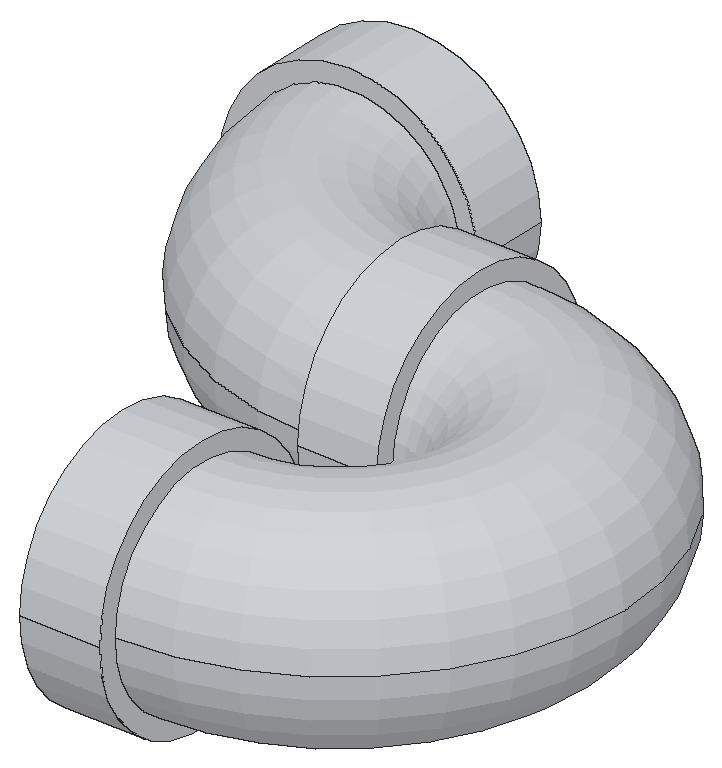
Revit family "M_Sifão em P - PVC - Sch 40 - DWV", category Conexões de tubo, Revit 2019
Family settings
  Cota do conector redondo = Usar raio
  Tipo de parte = Múltiplas portas
  Número OmniClass = 23.60.30.11.14
  Título OmniClass = Pipework Fittings
  ID de item do Seek = Trap P - PVC - Sch 40 - DWV-0000-CAN-ENU
  Com base no plano de trabalho = Não
  Sempre na vertical = Sim
  Corte com vazios quando carregada = Não
  Compartilhado = Não
Parameters (values of type "Padrão")
  Espessura da parede [instance] = size_lookup(Nome da tabela de pesquisa, "WThk", 0.02 * Diâmetro nominal + 3.274 mm, Diâmetro nominal)  # 3.962 mm
  Tamanho da marca de revisão [instance] = Diâmetro externo da conexão * 0.4  # 19.304 mm
  Raio externo do soquete [instance] = Diâmetro externo do soquete / 2  # 28.283 mm
  Diâmetro externo do soquete [instance] = Diâmetro da entrada do soquete + Espessura da parede * 2  # 56.566 mm
  Diâmetro da entrada do soquete [instance] = size_lookup(Nome da tabela de pesquisa, "SED", 1.04 * Diâmetro nominal + 9.426 mm, Diâmetro nominal)  # 48.641 mm
  Profundidade do soquete [instance] = size_lookup(Nome da tabela de pesquisa, "SDpt", 0.5 * Diâmetro nominal, Diâmetro nominal)  # 17.45 mm
  Legenda da altura externa [instance] = if(Comprimento 2 > Raio externo da conexão + 0.794 mm, Altura da saída, Comprimento 3 + Profundidade do soquete + Altura 1 + Raio externo da conexão)  # 124.143 mm
  Altura da saída [instance] = Altura 2 + Raio externo da conexão  # 124.143 mm
  Raio nominal [instance] = 20 mm
  Diâmetro nominal [instance] = Raio nominal * 2  # 40 mm
  Método de perda = Não definido
  Nome da tabela de pesquisa = "M_Trap P - PVC - Sch 40 - DWV"
  Comprimento 3 [instance] = if(Comprimento 2 > Raio externo da conexão + 0.794 mm, Comprimento 2, Raio externo da conexão + 0.794 mm)  # 44.463 mm
  Comprimento 2 [instance] = Altura 2 - Altura 1 - Profundidade do soquete  # 44.463 mm
  Comprimento 1 [instance] = size_lookup(Nome da tabela de pesquisa, "Lgt1", 2.47 * Diâmetro nominal + 35.024 mm, Diâmetro nominal)  # 117.475 mm
  Comprimento [instance] = Comprimento 1 + Profundidade do soquete  # 134.925 mm
  Altura interna [instance] = Altura 1 + Profundidade do soquete + Raio externo da conexão  # 79.68 mm
  Altura 2 [instance] = size_lookup(Nome da tabela de pesquisa, "Hgt2", 1.78 * Diâmetro nominal + 34.33 mm, Diâmetro nominal)  # 100.013 mm
  Altura 1 [instance] = size_lookup(Nome da tabela de pesquisa, "Hgt1", 0.88 * Diâmetro nominal + 8.93 mm, Diâmetro nominal)  # 38.1 mm
  Raio externo da conexão [instance] = Diâmetro externo da conexão / 2  # 24.13 mm
  Diâmetro externo da conexão [instance] = size_lookup(Nome da tabela de pesquisa, "FOD", 1.04 * Diâmetro nominal + 9.128 mm, Diâmetro nominal)  # 48.26 mm
Reference planes
  plane 1 "Centro (Frente/Trás)": y = 0
  plane 2: z = 0
  plane 3 "Centro (Esquerda/Direita)": x = 0
  plane 4: x = 124.143
  plane 5: x = 44.463
  plane 6: x = 61.913
  plane 7: y = 38.1
  plane 8: y = 134.925
  plane 9: y = 117.475
  plane 10: y = -19.304
  plane 11: y = 19.304
  plane 12: x = -19.304
  plane 13: x = 19.304
  plane 14: y = 76.2
  plane 15: y = 120.663
Forms (mm)
  Sweep 1, solid, detail levels fine
    path in 3D
      loop
        line (44.463, 0, 0) -> (61.913, 0, 0)
    profile origin (53.188, 0, 0) x (0, 1, 0) y (0, 0, 1)
      loop
        circle (0, 0) r 28.283
  Sweep 2, solid, detail levels fine
    path in 3D
      loop
        line (44.463, 76.2, 0) -> (61.913, 76.2, 0)
    profile origin (53.188, 76.2, 0) x (0, 1, 0) y (0, 0, 1)
      loop
        circle (0, 0) r 28.283
  Sweep 3, solid, detail levels fine
    path in 3D
      loop
        line (0, 134.925, 0) -> (0, 120.663, 0)
        arc (0, 120.663, 0) -> (13.023, 89.223, 0) -> (44.463, 76.2, 0) r 44.463
        line (44.463, 76.2, 0) -> (61.913, 76.2, 0)
        arc (61.913, 76.2, 0) -> (100.013, 38.1, 0) -> (61.913, 0, 0) r 38.1
    profile origin (0, 127.794, 0) x (1, 0, 0) y (0, 0, 1)
      loop
        circle (0, 0) r 24.13
  Sweep 4, solid, detail levels fine
    path in 3D
      loop
        line (0, 134.925, 0) -> (0, 117.475, 0)
    profile origin (0, 126.2, 0) x (1, 0, 0) y (0, 0, 1)
      loop
        circle (0, 0) r 28.283
Cuts and joins
  joined: Sweep 1, Sweep 2, Sweep 3, Sweep 4
Lines and regions (mm)
  model lines, detail levels coarse+medium
    curve 1: line (44.463, 0, 0) -> (61.913, 0, 0)
    curve 2: line (44.463, 19.304, 0) -> (44.463, -19.304, 0)
    curve 3: line (-19.304, 134.925, 0) -> (19.304, 134.925, 0)
    curve 5: arc (61.913, 0, 0) -> (100.013, 38.1, 0) -> (61.913, 76.2, 0) r 38.1
    curve 6: arc (0, 120.663, 0) -> (13.023, 89.223, 0) -> (44.463, 76.2, 0) r 44.463
    curve 7: line (44.463, 76.2, 0) -> (61.913, 76.2, 0)
    curve 10: line (0, 134.925, 0) -> (0, 120.663, 0)
  sketch lines
    curve 4: line (44.463, 0, 0) -> (61.913, 0, 0)
    curve 9: line (44.463, 76.2, 0) -> (61.913, 76.2, 0)
    curve 11: line (0, 134.925, 0) -> (0, 120.663, 0)
    curve 12: arc (0, 120.663, 0) -> (13.023, 89.223, 0) -> (44.463, 76.2, 0) r 44.463
    curve 13: line (44.463, 76.2, 0) -> (61.913, 76.2, 0)
    curve 14: arc (61.913, 0, 0) -> (100.013, 38.1, 0) -> (61.913, 76.2, 0) r 38.1
    curve 15: line (0, 134.925, 0) -> (0, 117.475, 0)
  reference lines
    curve 8: line (0, 134.925, 0) -> (0, 117.475, 0)
Dimensions and locks
  "Legenda da altura externa": plane 3 "Centro (Esquerda/Direita)" to plane 4
  "Altura interna": plane 5 to plane 4
  "Profundidade do soquete": plane 5 to plane 6
  "Altura 1": plane 7 to plane 1 "Centro (Frente/Trás)"
  "Comprimento": plane 8 to plane 1 "Centro (Frente/Trás)"
  "Profundidade do soquete": plane 8 to plane 9
  equal spacing: plane 10, plane 1 "Centro (Frente/Trás)", plane 11
  "Tamanho da marca de revisão": plane 1 "Centro (Frente/Trás)" to plane 11
  equal spacing: plane 12, plane 3 "Centro (Esquerda/Direita)", plane 13
  "Tamanho da marca de revisão": plane 12 to plane 3 "Centro (Esquerda/Direita)"
  "Altura 1": plane 14 to plane 7
  "Comprimento 3": plane 15 to plane 14
  "Raio externo do soquete": radius of Sweep 1 sketch curve
  "Altura 1": radius of curve 5
  "Comprimento 3": radius of curve 6
  "Raio externo do soquete": radius of Sweep 2 sketch curve
  "Raio externo da conexão": radius of Sweep 3 sketch curve
  "Raio externo do soquete": radius of Sweep 4 sketch curve
  locked: curve 5 to curve 5 (angle 180.00°)
  locked: curve 6 to curve 6 (angle 90.00°)
  aligned and locked: plane 5 to curve 1
  aligned and locked: plane 1 "Centro (Frente/Trás)" to curve 1
  aligned and locked: plane 11 to curve 2
  aligned and locked: plane 10 to curve 2
  aligned and locked: curve 2 to plane 5
  aligned and locked: plane 12 to curve 3
  aligned and locked: plane 13 to curve 3
  aligned and locked: curve 3 to plane 8
  aligned and locked: plane 7 to curve 5
  aligned and locked: plane 6 to curve 5
  aligned and locked: plane 5 to curve 7
  aligned and locked: plane 6 to curve 7
  aligned and locked: plane 9 to curve 8
  aligned and locked: plane 8 to curve 8
  aligned and locked: curve 8 to plane 3 "Centro (Esquerda/Direita)"
  aligned and locked: plane 15 to curve 10
  aligned and locked: plane 8 to curve 10
  aligned and locked: curve 10 to plane 3 "Centro (Esquerda/Direita)"
  aligned and locked: plane 5 to curve 6
Automatic sketch dimensions
  Sweep 1 sketch curve to profile plane = 0 mm  (x2)
  Sweep 2 sketch curve to profile plane = 0 mm  (x2)
  profile plane to Sweep 3 sketch curve = 0 mm
  Sweep 3 sketch curve to profile plane = 0 mm
  profile plane to Sweep 4 sketch curve = 0 mm
  Sweep 4 sketch curve to profile plane = 0 mm
Connectors
  piping at (44.463, 0, 0), diameter 40, driven by "Raio nominal"
    settings: on cut or joined group of Sweep 1, Sweep 2, Sweep 3, Sweep 4, index 1, connector inside diameter 40 mm, connector length 0 mm, flow factor 0, pipe flow 0.0 L/s, pressure drop 0.0 Pa, fitting loss kfactor 0, connector angle 0.00°, fixture units 0, engagement length 0 mm, angle of deflection 0.00°, flow configuration 0, flow direction 0, fitting loss method 0, system type 28, joint type 0, gender type 0, connector reference index 2, connector utility 0, adjustable connector no, is connector primary yes, connector description ""
  piping at (0, 134.925, 0), diameter 40, driven by "Raio nominal"
    settings: on cut or joined group of Sweep 1, Sweep 2, Sweep 3, Sweep 4, index 2, connector inside diameter 40 mm, connector length 0 mm, flow factor 0, pipe flow 0.0 L/s, pressure drop 0.0 Pa, fitting loss kfactor 0, connector angle 0.00°, fixture units 0, engagement length 0 mm, angle of deflection 0.00°, flow configuration 0, flow direction 0, fitting loss method 0, system type 28, joint type 0, gender type 0, connector reference index 1, connector utility 0, adjustable connector yes, is connector primary no, connector description ""
